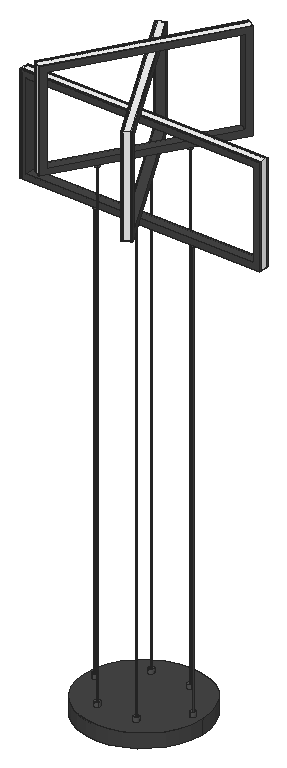
Revit family "AFX-Cole-Led_24_Pendant-", category Lighting Fixtures, host Face, Revit 2021
Family settings
  Host = Face
  Round Connector Dimension = Use Diameter
  Part Type = Normal
  Cut with Voids When Loaded = No
  Light Source = Yes
  Shared = No
  Room Calculation Point = No
Parameters (values of type "COLP24L30D1BK")
  Width = 16"
  Wattage Comments = "36"
  Wattage = 36 W
  built-in parameter 1150110 = 1 (stored number, unit not read)
  Voltage = 120 V
  URL = "https://www.afxinc.com/"
  Type Comments = "Cole"  # constant formula
  built-in parameter 1114217 = 1 (stored number, unit not read)
  Tilt Angle = 0.00°
  built-in parameter 1150109 = 1 (stored number, unit not read)
  built-in parameter 1150134 = (empty or 0)
  built-in parameter 1150113 = 1 (stored number, unit not read)
  Revit File Built By = "https://servex-us.com/servex-revit/"
  Product Documentation Link = "https://www.afxinc.com/products/productDetail.cfm?productID=1197"
  Photometric Web File = "COLP24L30D1xx_IES.IES"
  Model = "COLP24L30D1BK"
  Manufacturer = "AFX Inc"  # constant formula
  built-in parameter 1150105 = 1020.9 (stored number, unit not read)
  Lumens = 5347.51 lm
  built-in parameter 1150115 = 1 (stored number, unit not read)
  built-in parameter 1150137 = (empty or 0)
  built-in parameter 1150139 = (empty or 0)
  Length = 24"
  built-in parameter 1150112 = 1 (stored number, unit not read)
  built-in parameter 1150114 = 1 (stored number, unit not read)
  L Cord [instance] = if(or(Cord Dist > 108", Cord Dist < 10"), 10", Cord Dist)  # 48 25/32"
  Keynote = "12500"  # constant formula
  built-in parameter 1150132 = (empty or 0)
  built-in parameter 1150102 = (empty or 0)
  built-in parameter 1150107 = 3000 (stored number, unit not read)
  built-in parameter 1150138 = (empty or 0)
  built-in parameter 1150106 = 10.209 (stored number, unit not read)
  Height = 15"
  Frame Finish = AFX - Aluminum Black
  built-in parameter 1150104 = 13.8 (stored number, unit not read)
  Dimming Lamp Color Temperature Shift = <None>
  Diffuser Finish = AFX - White Acrylic
  Description = "Layered Contemporary LED pendant with extruded aluminum housing and 3 sided illumination Suspended by a 9 ft adjustable cable -  24\"L x 16\"W x 15\"H"
  Default Elevation = 48"
  Cord Finish = AFX - Plastic Black
  Colour Rendering Index = "90CRI"
  Color Filter = 16777215
  Cord Dist Range [instance] = if(L Cord > 108", "Not Range", "9 ft. (108 In) - Adjustable Cord")  # "9 ft. (108 In) - Adjustable Cord"
  Cord Dist [instance] = 48 25/32"
  Canopy Finish = AFX - Aluminum Black
  built-in parameter 1114218 = 1 (stored number, unit not read)
  built-in parameter 1150133 = 10 (stored number, unit not read)
  Assembly Code = "D5020200"
  Apparent Load = 0 VA
Reference planes (in)
  plane 1 "Center (Front/Back)": y = 0
  plane 2: z = 0
  plane 3 "Center (Left/Right)": x = 0
  plane 4: z = 1.3779
  plane 5: z = 43.9208
  plane 6: z = 47.2064
  plane 7: z = 44.9208
  plane 8: through (-4.47834, 7.75671, 48) normal (0.866, 0.5, 0)
  plane 9: through (4.47834, 7.75671, 48) normal (0.866, -0.5, 0)
  plane 10: through (0, 0, 48) normal (-0.5, 0.866, 0)
  plane 11: through (0, 0, 48) normal (-0.5, -0.866, 0)
  plane 12: z = 50.15915
Forms (in)
  Extrusion 1, solid, material "AFX - Aluminum Black" <- "Canopy Finish"
    sketch origin (0, 0, 0) x (1, 0, 0) y (0, 1, 0)
      loop
        circle (0, 0) r 5.875
    from 0 to 1.3779
  Revolve 2, solid, material "AFX - Plastic Black" <- "Cord Finish"
    sketch origin (4.92188, 0, 0) x (0, -1, 0) y (0, 0, 1)
      loop
        line (0, 1.3779) -> (0.25664, 1.3779) -> (0.25664, 1.73223) -> (0.03906, 1.73223) -> (0.03906, 43.56468) -> (0.17851, 43.56468) -> (0.17851, 43.9208) -> (0, 43.9208) -> (0, 1.3779)
      axis (0, 43.9208) -> (0, 1.3779)
    angle from 0 to 360
  Revolve 3, solid, material "AFX - Plastic Black" <- "Cord Finish"
    sketch origin (-1.95212, 3.38117, 0) x (0.866025, 0.5, 0) y (0, 0, 1)
      loop
        line (0, 1.3779) -> (0.25664, 1.3779) -> (0.25664, 1.73223) -> (0.03906, 1.73223) -> (0.03906, 46.85028) -> (0.17851, 46.85028) -> (0.17851, 47.2064) -> (0, 47.2064) -> (0, 1.3779)
      axis (0, 47.2064) -> (0, 1.3779)
    angle from 0 to 360
  Revolve 4, solid, material "AFX - Plastic Black" <- "Cord Finish"
    sketch origin (-4.92202, 0, 0) x (0, 1, 0) y (0, 0, 1)
      loop
        line (0, 1.3779) -> (0.25664, 1.3779) -> (0.25664, 1.73223) -> (0.03906, 1.73223) -> (0.03906, 43.56468) -> (0.17851, 43.56468) -> (0.17851, 43.9208) -> (0, 43.9208) -> (0, 1.3779)
      axis (0, 43.9208) -> (0, 1.3779)
    angle from 0 to 360
  Revolve 5, solid, material "AFX - Plastic Black" <- "Cord Finish"
    sketch origin (1.95212, -3.38117, 0) x (0.866025, 0.5, 0) y (0, 0, -1)
      loop
        line (0, -1.3779) -> (0, -47.2064) -> (0.17851, -47.2064) -> (0.17851, -46.85028) -> (0.03906, -46.85028) -> (0.03906, -1.73223) -> (0.25664, -1.73223) -> (0.25664, -1.3779) -> (0, -1.3779)
      axis (0, -47.2064) -> (0, -1.3779)
    angle from 0 to 360
  Revolve 6, solid, material "AFX - Plastic Black" <- "Cord Finish"
    sketch origin (1.95212, 3.38117, 0) x (-0.866025, 0.5, 0) y (0, 0, -1)
      loop
        line (0, -1.3779) -> (0, -50.15915) -> (0.17851, -50.15915) -> (0.17851, -49.80303) -> (0.03906, -49.80303) -> (0.03906, -1.73223) -> (0.25664, -1.73223) -> (0.25664, -1.3779) -> (0, -1.3779)
      axis (0, -50.15915) -> (0, -1.3779)
    angle from 0 to 360
  Revolve 7, solid, material "AFX - Plastic Black" <- "Cord Finish"
    sketch origin (-1.95212, -3.38117, 0) x (-0.866025, 0.5, 0) y (0, 0, 1)
      loop
        line (0, 1.3779) -> (0.25664, 1.3779) -> (0.25664, 1.73223) -> (0.03906, 1.73223) -> (0.03906, 49.80303) -> (0.17851, 49.80303) -> (0.17851, 50.15915) -> (0, 50.15915) -> (0, 1.3779)
      axis (0, 50.15915) -> (0, 1.3779)
    angle from 0 to 360
Lines and regions (in)
  symbolic lines
    curve 1: arc (5.875, 0, 0) -> (0, 5.875, 0) -> (-5.875, 0, 0) r 5.875
    curve 2: arc (-5.875, 0, 0) -> (0, -5.875, 0) -> (5.875, 0, 0) r 5.875
Dimensions and locks (in)
  locked: plane 2 to plane 4 at 1.3779
  locked: Revolve 2 sketch curve to Revolve 2 sketch curve at 0.17851
  plane 12 to plane 6 to plane 7 to plane 5 = 2.95275" locked, 2.2856" locked, 1" locked
  locked: Revolve 3 sketch curve to Revolve 3 sketch curve at 0.17851
  locked: Revolve 4 sketch curve to Revolve 4 sketch curve at 0.17851
  plane 6 to Revolve 3 sketch curve = 0.35612"
  Revolve 4 to plane 3 "Center (Left/Right)" to Revolve 2 = 4.92202" locked, 4 59/64" locked
  locked: Revolve 5 sketch curve to Revolve 5 sketch curve at 0.17851
  locked: plane 6 to Revolve 3 sketch curve at 0.35612
  locked: Revolve 3 sketch curve to plane 4 at 0.35433
  locked: plane 6 to Revolve 5 sketch curve at 0.35612
  locked: Revolve 6 sketch curve to Revolve 6 sketch curve at 0.17851
  locked: Revolve 7 sketch curve to Revolve 7 sketch curve at 0.17851
  locked: plane 12 to Revolve 6 sketch curve at 0.35612
  locked: plane 12 to Revolve 7 sketch curve at 0.35612
  locked: nested 1 to plane 5 at 9.84375
  "L Cord": plane 12 to plane 4
  locked: plane 12 to nested 3 at 9.84375
  locked: plane 6 to nested 2 at 9.84375
  diameter of Extrusion 1 sketch curve = 11 3/4"
  aligned and locked: plane 2 to host face
  aligned and locked: level to host face
  aligned and locked: Extrusion 1 to plane 2
  aligned and locked: Extrusion 1 to plane 4
  aligned and locked: plane 3 "Center (Left/Right)" to imposter light
  aligned and locked: plane 1 "Center (Front/Back)" to imposter light
  aligned and locked: plane 1 "Center (Front/Back)" to nested 1
  aligned and locked: plane 3 "Center (Left/Right)" to nested 1
  aligned and locked: nested 2 to plane 8
  aligned and locked: nested 3 to plane 9
  aligned and locked: nested 2 to plane 10
  aligned and locked: nested 3 to plane 11
  aligned and locked: nested 1 to plane 5
  aligned and locked: plane 6 to Revolve 3 sketch curve
  aligned and locked: Revolve 3 sketch curve to plane 4
  aligned and locked: plane 6 to Revolve 5 sketch curve
  aligned and locked: Revolve 5 sketch curve to plane 4
  aligned and locked: plane 12 to Revolve 6 sketch curve
  aligned and locked: plane 12 to Revolve 7 sketch curve
  aligned and locked: plane 5 to nested 1
  aligned and locked: plane 12 to nested 3
  aligned and locked: nested 3 to plane 12
  aligned and locked: plane 6 to nested 2
  aligned and locked: imposter light to plane 7
  aligned and locked: curve 1 to Extrusion 1
  aligned and locked: curve 2 to Extrusion 1
Automatic sketch dimensions
  host sketch curve to host sketch curve = 96"  (x2)
  plane 1 "Center (Front/Back)" to Extrusion 1 sketch curve = 0"
  Extrusion 1 sketch curve to plane 3 "Center (Left/Right)" = 0"
  Revolve 2 sketch curve to plane 1 "Center (Front/Back)" = 0"  (x2)
  plane 4 to Revolve 2 sketch curve = 0"
  plane 5 to Revolve 2 sketch curve = 0"
  plane 1 "Center (Front/Back)" to Revolve 2 sketch curve = 5/128"
  plane 1 "Center (Front/Back)" to Revolve 2 sketch curve = 0.25664"
  Revolve 2 sketch curve to Revolve 2 sketch curve = 0.35433"
  plane 5 to Revolve 2 sketch curve = 0.35612"
  Revolve 2 sketch curve to Revolve 2 sketch curve = 15.5663"
  Revolve 2 sketch curve to Revolve 2 sketch curve = 2 1/2"
  Revolve 3 sketch curve to plane 8 = 0"  (x2)
  plane 8 to Revolve 3 sketch curve = 5/128"
  plane 8 to Revolve 3 sketch curve = 0.25664"
  plane 5 to Revolve 3 sketch curve = 15.92242"
  Revolve 3 sketch curve to Revolve 3 sketch curve = 2 1/2"
  Revolve 4 sketch curve to plane 1 "Center (Front/Back)" = 0"  (x2)
  plane 4 to Revolve 4 sketch curve = 0"
  plane 5 to Revolve 4 sketch curve = 0"
  Revolve 4 sketch curve to plane 1 "Center (Front/Back)" = 5/128"
  Revolve 4 sketch curve to plane 1 "Center (Front/Back)" = 0.25664"
  Revolve 4 sketch curve to Revolve 4 sketch curve = 0.35433"
  plane 5 to Revolve 4 sketch curve = 0.35612"
  Revolve 4 sketch curve to Revolve 4 sketch curve = 15.5663"
  Revolve 4 sketch curve to Revolve 4 sketch curve = 2 1/2"
  Revolve 5 sketch curve to plane 8 = 0"  (x2)
  plane 8 to Revolve 5 sketch curve = 5/128"
  plane 8 to Revolve 5 sketch curve = 0.25664"
  Revolve 5 sketch curve to plane 4 = 0.35433"
  plane 5 to Revolve 5 sketch curve = 13.42242"
  Revolve 5 sketch curve to Revolve 5 sketch curve = 2 1/2"
  plane 4 to Revolve 6 sketch curve = 0"
  Revolve 6 sketch curve to plane 9 = 0"  (x2)
  plane 9 to Revolve 6 sketch curve = 5/128"
  plane 9 to Revolve 6 sketch curve = 0.25664"
  Revolve 6 sketch curve to plane 4 = 0.35433"
  plane 5 to Revolve 6 sketch curve = 13.42242"
  Revolve 6 sketch curve to Revolve 6 sketch curve = 2 1/2"
  Revolve 7 sketch curve to plane 4 = 0"
  Revolve 7 sketch curve to plane 9 = 0"  (x2)
  plane 9 to Revolve 7 sketch curve = 5/128"
  plane 9 to Revolve 7 sketch curve = 0.25664"
  Revolve 7 sketch curve to Revolve 7 sketch curve = 0.35433"
  plane 5 to Revolve 7 sketch curve = 15.92242"
  Revolve 7 sketch curve to Revolve 7 sketch curve = 2 1/2"
  plane 1 "Center (Front/Back)" to curve 1 = 0"  (x2)
Nested families (in)
  nested 1: "Frame Cole" at (0, 0, 43.9208), Diffuser Finish <- "Diffuser Finish", Frame Finish <- "Frame Finish", type "Frame Cole"
    with W Frame 24", H Frame 9 27/32", Frame Finish AFX - Aluminum Black, Diffuser Finish AFX - White Acrylic
  nested 2: "Frame Cole" at (0, 0, 47.2064) x (0.5, -0.866, 0) z (0, 0, 1), Diffuser Finish <- "Diffuser Finish", Frame Finish <- "Frame Finish", type "Frame Cole"
    with W Frame 17 29/32", H Frame 9 27/32", Frame Finish AFX - Aluminum Black, Diffuser Finish AFX - White Acrylic
  nested 3: "Frame Cole" at (0, 0, 50.15915) x (0.5, 0.866, 0) z (0, 0, 1), Diffuser Finish <- "Diffuser Finish", Frame Finish <- "Frame Finish", type "Frame Cole"
    with W Frame 17 29/32", H Frame 9 27/32", Frame Finish AFX - Aluminum Black, Diffuser Finish AFX - White Acrylic
Connectors (in)
  electrical at (0, 0, 0), driven by "Voltage", driven by "Apparent Load"
    settings: on Extrusion 1, index 1, voltage 120 V, apparent load 0 VA, apparent load phase1 0 VA, apparent load phase2 0 VA, apparent load phase3 0 VA, power factor 1, load classification "Lighting", number of poles 1, system type 31, power factor state 1, is connector primary yes, connector utility no, sub classification motor no, connector description ""
Definition of nested family "Frame Cole"
  Parameters
    W Frame [instance] = 24.03057"
    H Frame [instance] = 9.8506"
    Frame Finish [instance] = none
    Diffuser Finish [instance] = none
    Default Elevation = 0"
  Reference planes (in)
    plane 1 "Center (Front/Back)": y = 0
    plane 2: z = 0
    plane 3 "Center (Left/Right)": x = 0
    plane 4: z = 9.8506
    plane 5: x = -12.01529
    plane 6: x = 12.01529
  Forms (in)
    Sweep 1, solid, material <- "Diffuser Finish"
      path origin (0, 0, 0) x (1, 0, 0) y (0, 0, 1)
        loop
          line (-12.01529, 0.05523) -> (-12.01529, 9.8506) -> (12.01529, 9.8506) -> (12.01529, 0.05523)
      profile origin (0, 0, 9.8506) x (0, 0, 1) y (0, -1, 0)
        loop
          line (-0.11811, -0.30555) -> (-0.11811, -0.41354) -> (-0.05905, -0.41354) -> (-0.05905, -0.34942) -> (-0.01948, -0.34942)
          arc (-0.01948, -0.34942) -> (0, 0) -> (-0.01948, 0.34942) r 3.14353
          line (-0.01948, 0.34942) -> (-0.05905, 0.34942) -> (-0.05905, 0.41354) -> (-0.11811, 0.41354) -> (-0.11811, 0.30529) -> (-0.05409, 0.30529)
          arc (-0.05409, 0.30529) -> (-0.03818, -0.00013) -> (-0.05409, -0.30555) r 2.93956
          line (-0.05409, -0.30555) -> (-0.11811, -0.30555)
    Sweep 2, solid, material <- "Frame Finish"
      path origin (0, 0, 0) x (1, 0, 0) y (0, 0, 1)
        loop
          line (-12.01529, 9.8506) -> (-12.01529, 0) -> (12.01529, 0) -> (12.01529, 9.8506) -> (-12.01529, 9.8506)
      profile origin (0, 0, 9.8506) x (0, 0, 1) y (0, -1, 0)
        loop
          line (-0.00798, -0.36629) -> (-0.05523, -0.36629) -> (-0.05523, -0.43322) -> (-0.53948, -0.43322) -> (-0.53948, 0.43322) -> (-0.05523, 0.43322) -> (-0.05523, 0.36629) -> (-0.00798, 0.36629) -> (-0.00798, 0.49225) -> (-0.59853, 0.49225) -> (-0.59853, -0.49225) -> (-0.00798, -0.49225) -> (-0.00798, -0.36629)
    Extrusion 3, solid, material <- "Frame Finish"
      sketch origin (0, 0, 0) x (0, 1, 0) y (0, 0, 1)
        loop
          line (0.36629, 0) -> (0.36629, 0.05523) -> (-0.36629, 0.05523) -> (-0.36629, 0) -> (0.36629, 0)
      from -12.01529 to 12.01529
  Lines and regions (in)
    symbolic lines
      curve 1: line (12.0073, 0.49225, 0) -> (-12.0073, 0.49225, 0)
      curve 2: line (-12.0073, 0.49225, 0) -> (-12.0073, 0.36629, 0)
      curve 3: line (-12.0073, 0.36629, 0) -> (12.0073, 0.36629, 0)
      curve 4: line (12.0073, 0.36629, 0) -> (12.0073, 0.49225, 0)
      curve 5: line (-12.0073, -0.49225, 0) -> (12.0073, -0.49225, 0)
      curve 6: line (12.0073, -0.49225, 0) -> (12.0073, -0.36629, 0)
      curve 7: line (12.0073, -0.36629, 0) -> (-12.0073, -0.36629, 0)
      curve 8: line (-12.0073, -0.36629, 0) -> (-12.0073, -0.49225, 0)
      curve 9: arc (-11.99387, -0.36629, 0) -> (-12.01529, 0, 0) -> (-11.99387, 0.36629, 0) r 3.14353
      curve 10: arc (11.99387, -0.36629, 0) -> (12.01529, 0, 0) -> (11.99387, 0.36629, 0) r 3.14353
  Dimensions and locks (in)
    "H Frame": plane 4 to plane 2
    equal spacing: plane 5, plane 3 "Center (Left/Right)", plane 6
    "W Frame": plane 5 to plane 6
    Sweep 1 sketch curve to Sweep 1 sketch curve to Sweep 1 sketch curve to Sweep 1 sketch curve to Sweep 1 sketch curve to Sweep 1 sketch curve = 0.06412" locked, 0.04386" locked, 0.61084", 0.04412" locked, 0.06412" locked
    locked: Sweep 1 sketch curve to Sweep 1 sketch curve at 0.05906
    Sweep 2 sketch curve to Sweep 2 sketch curve to Sweep 2 sketch curve to Sweep 2 sketch curve to Sweep 2 sketch curve to Sweep 2 sketch curve = 0.05903" locked, 0.06693" locked, 0.73259", 0.06693" locked, 0.05903" locked
    profile plane to Sweep 2 sketch curve to Sweep 2 sketch curve to Sweep 2 sketch curve to Sweep 2 sketch curve = 0.00798" locked, 0.04724" locked, 0.48425" locked, 0.05905" locked
    locked: Extrusion 3 to plane 2 at 0.05523
    aligned and locked: plane 2 to level
    aligned and locked: plane 4 to Sweep 1 sketch curve
    aligned and locked: Sweep 1 sketch curve to plane 6
    aligned and locked: Sweep 1 sketch curve to plane 5
    aligned and locked: Sweep 1 sketch curve to Sweep 1 sketch curve  (x2)
    aligned and locked: Sweep 2 sketch curve to plane 5
    aligned and locked: Sweep 2 sketch curve to plane 6
    aligned and locked: plane 2 to Sweep 2 sketch curve
    aligned and locked: plane 4 to Sweep 2 sketch curve
    aligned and locked: Sweep 2 sketch curve to Sweep 2 sketch curve  (x2)
    aligned and locked: curve 1 to Sweep 2
    aligned and locked: curve 2 to Sweep 2
    aligned and locked: curve 3 to Sweep 2
    aligned and locked: curve 4 to Sweep 2
    aligned and locked: curve 5 to Sweep 2
    aligned and locked: curve 6 to Sweep 2
    aligned and locked: curve 7 to Sweep 2
    aligned and locked: curve 8 to Sweep 2
    aligned and locked: curve 9 to Sweep 1
    aligned and locked: curve 10 to Sweep 1
    aligned and locked: Extrusion 3 sketch curve to Sweep 2  (x2)
    aligned and locked: Sweep 2 to Extrusion 3 sketch curve
    aligned and locked: Extrusion 3 sketch curve to plane 2
    aligned and locked: plane 5 to Extrusion 3
    aligned and locked: plane 6 to Extrusion 3
    aligned and locked: Extrusion 3 to Sweep 1 sketch curve
    aligned and locked: Sweep 1 sketch curve to Extrusion 3
  Automatic sketch dimensions
    Sweep 1 sketch curve to plane 1 "Center (Front/Back)" = 0"
    profile plane to Sweep 1 sketch curve = 3.14353"
    Sweep 1 sketch curve to Sweep 1 sketch curve = 0.16579"
    profile plane to Sweep 1 sketch curve = 0.11811"
    Sweep 1 sketch curve to Sweep 1 sketch curve = 0.00496"  (x2)
    Sweep 1 sketch curve to Sweep 1 sketch curve = 0.03958"  (x2)
    Sweep 2 sketch curve to plane 1 "Center (Front/Back)" = 0.49225"
    curve 9 to plane 5 = 0.02141"  (x2)
    curve 10 to plane 6 = 0.02141"  (x2)
